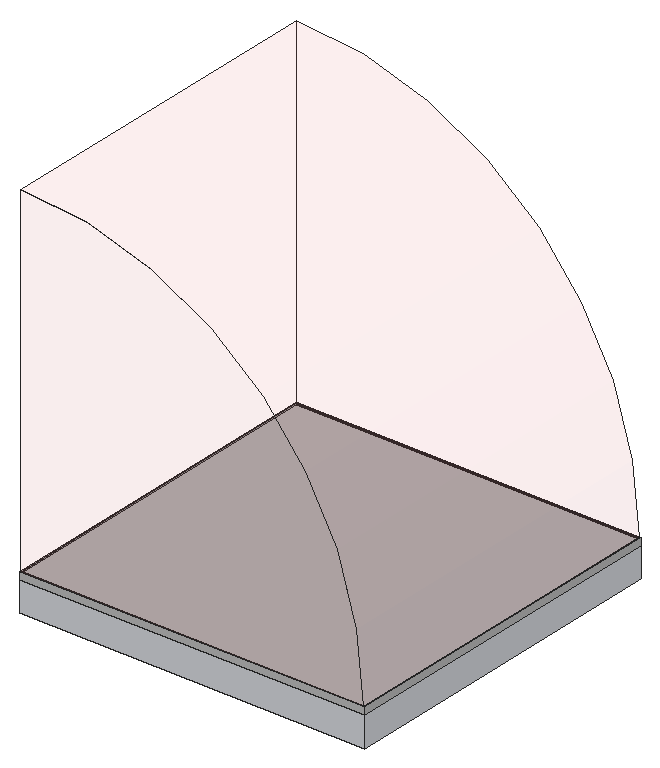
Revit family "Door_Access_Flush_Acudor_DW-5040", category Generic Models, host Face, Revit 2023
Family settings
  Host = Face
  Can host rebar = No
  Round Connector Dimension = Use Diameter
  Part Type = Normal
  Cut with Voids When Loaded = No
  Maintain Annotation Orientation = No
  Shared = No
  Room Calculation Point = No
Parameters
  negdrythick [instance] = -(Drywall Thickness)  # -0' - 0 1/2"
  Warranty Duration (Years) = 0
  Unit Width = 2' - 0"
  Unit Weight = 0
  Unit Height = 2' - 0"
  Unit Depth = 0' - 1 29/32"
  URL = "http://www.acudor.com/"
  Test Data = ""
  Swing Clearance Visible [instance] = yes
  Standards Conformance = "as Specified"
  Specification = ""
  SpecWizard = ""
  Send Message = ""
  Sales Information = "http://www.acudor.com/contactus"
  Revision = "R1_2017-03"
  Product Properties = ""
  Product Data = "http://www.arcat.com/arcatcos/cos30/arc30126.html"
  Overall Width = 2' - 10"
  Overall Height = 2' - 10"
  Opening Width = Unit Width + 0' 0 3/8"  # 2' - 0 3/8"
  Opening Height = Unit Height + 0' 0 3/8"  # 2' - 0 3/8"
  Opening Depth [instance] = 1' - 0"
  Mounting Height [instance] = 2' - 0"
  Model = "As Specified"
  Manufacturer Website = "http://www.acudor.com/"
  Manufacturer Phone - Toll Free = "800-722-0501"
  Manufacturer Phone = "973-575-5120"
  Manufacturer Fax = "973-575-5160"
  Manufacturer Address = "80 Little Falls Rd.  Fairfield, NJ 07004"
  Manufacturer = "Acudor Products Inc"
  Maintenance Schedule (Months) = 0
  Keynote = ""
  Installation-Fabrication = ""
  Installation Phase = ""
  Green Building-LEED = "http://www.arcat.com/green/clients/leed_data_30126.html"
  Fixture Finish [instance] = Metal - Acudor - Steel
  Fire Performance = "as Specified"
  Expected Lifespan (Years) = 0
  Drywall Thickness [instance] = 0' - 0 1/2"
  Drawn By = "Sumex Design, Inc. / Robert S. Weygant, CSI, CDT, SCIP"
  Door Width = Unit Width - 0' 0 1/8"  # 1' - 11 7/8"
  Door Height = Unit Height - 0' 0 1/8"  # 1' - 11 7/8"
  Description = "Acudor Product as Specified"
  Default Elevation = 0' - 0"  # constant formula
  Copyright = "©Arcat Inc."
  Construction Details = ""
  Clearance Material [instance] = ARCAT Clearance
  Clear Opening Width = 1' - 8"
  Clear Opening Height = 2' - 0"
  Available Options [instance] = "as Specified"
  Assembly Code = ""
Reference planes (in)
  plane 1 "Center (Front/Back)": y = -24
  plane 2: z = 0
  plane 3 "Center (Left/Right)": x = 0
  plane 4: y = -12
  plane 5: y = -36
  plane 6: x = -12
  plane 7: x = 12
  plane 8: z = 0
  plane 9: y = -7
  plane 10: y = -41
  plane 11: x = -17
  plane 12: x = 17
  plane 13: z = -1.90625
  plane 14: x = -12.1875
  plane 15: x = 12.1875
  plane 16: y = -11.8125
  plane 17: y = -36.1875
  plane 18: z = -12
  plane 19 "FF": y = -60
Forms (in)
  Extrusion 1, void
    sketch origin (0, 0, 0) x (1, 0, 0) y (0, 1, 0)
      loop
        line (-12.1875, -11.8125) -> (-12.1875, -36.1875) -> (12.1875, -36.1875) -> (12.1875, -11.8125) -> (-12.1875, -11.8125)
    from -12 to -0.125
  Extrusion 2, solid, material "Metal - Acudor - Steel" <- "Fixture Finish"
    sketch origin (0, 0, 0) x (1, 0, 0) y (0, 1, 0)
      loop
        line (-12, -12) -> (-12, -36) -> (12, -36) -> (12, -12) -> (-12, -12)
      loop
        line (-11.9375, -35.9375) -> (11.9375, -35.9375) -> (11.9375, -12.0625) -> (-11.9375, -12.0625) -> (-11.9375, -35.9375)
    from 0 to -0.5 <- "negdrythick"
  Extrusion 3, solid
    sketch origin (0, 0, 0) x (1, 0, 0) y (0, 1, 0)
      loop
        line (-12, -12) -> (-12, -36) -> (12, -36) -> (12, -12) -> (-12, -12)
    from -0.5 <- "negdrythick" to -2.5625
  Extrusion 4, solid, material "Metal - Acudor - Steel" <- "Fixture Finish"
    sketch origin (0, 0, 0) x (1, 0, 0) y (0, 1, 0)
      loop
        line (-11.9375, -12.0625) -> (-11.9375, -35.9375) -> (11.9375, -35.9375) -> (11.9375, -12.0625) -> (-11.9375, -12.0625)
    from -0.03125 to -0.5 <- "negdrythick"
  Extrusion 5, void
    sketch origin (0, 0, 0) x (1, 0, 0) y (0, 1, 0)
      loop
        line (-12, -12) -> (-12, -36) -> (12, -36) -> (12, -12) -> (-12, -12)
    from 0 to -0.125
  Extrusion 6, solid, material "ARCAT Clearance" <- "Clearance Material", visible <- "Swing Clearance Visible"
    sketch origin (0, -24, 0) x (1, 0, 0) y (0, 0, 1)
      loop
        arc (11.9375, 0) -> (4.94467, 16.88217) -> (-11.9375, 23.875) r 23.875
        line (-11.9375, 23.875) -> (-11.9375, 0) -> (11.9375, 0)
    from -12 to 12
Lines and regions (in)
  model lines, style "GenericModelHiddenLines"
    curve 1: line (12, -12, -0.03125) -> (-12, -24, -0.03125)
    curve 2: line (-12, -24, -0.03125) -> (12, -36, -0.03125)
Dimensions and locks (in)
  locked: plane 8 to level
  equal spacing: plane 4, plane 1 "Center (Front/Back)", plane 5
  "Unit Height": plane 4 to plane 5
  equal spacing: plane 6, plane 3 "Center (Left/Right)", plane 7
  "Unit Width": plane 6 to plane 7
  equal spacing: plane 11, plane 3 "Center (Left/Right)", plane 12
  equal spacing: plane 9, plane 1 "Center (Front/Back)", plane 10
  "Overall Width": plane 11 to plane 12
  "Overall Height": plane 9 to plane 10
  "Unit Depth": plane 8 to plane 13
  equal spacing: plane 16, plane 1 "Center (Front/Back)", plane 17
  equal spacing: plane 14, plane 3 "Center (Left/Right)", plane 15
  "Opening Width": plane 14 to plane 15
  "Opening Height": plane 16 to plane 17
  "Opening Depth": level to plane 18
  locked: plane 6 to Extrusion 2 sketch curve at 0.0625
  locked: plane 4 to Extrusion 2 sketch curve at 0.0625
  locked: Extrusion 2 sketch curve to plane 7 at 0.0625
  locked: Extrusion 2 sketch curve to plane 5 at 0.0625
  locked: plane 6 to Extrusion 4 sketch curve at 0.0625
  locked: Extrusion 4 sketch curve to plane 7 at 0.0625
  locked: plane 4 to Extrusion 4 sketch curve at 0.0625
  locked: Extrusion 4 sketch curve to plane 5 at 0.0625
  "Mounting Height": plane 5 to plane 19 "FF"
  locked: Extrusion 6 sketch curve to plane 6 at 0.0625
  "Door Width": radius of Extrusion 6 sketch curve
  aligned and locked: host face to plane 2
  aligned and locked: host face to level
  aligned and locked: Extrusion 1 sketch curve to plane 16
  aligned and locked: Extrusion 1 sketch curve to plane 14
  aligned and locked: plane 17 to Extrusion 1 sketch curve
  aligned and locked: Extrusion 1 sketch curve to plane 15
  aligned and locked: Extrusion 1 to plane 18
  aligned and locked: Extrusion 2 sketch curve to plane 4
  aligned and locked: Extrusion 2 sketch curve to plane 6
  aligned and locked: plane 5 to Extrusion 2 sketch curve
  aligned and locked: Extrusion 2 sketch curve to plane 7
  aligned and locked: Extrusion 5 sketch curve to Extrusion 2  (x4)
  aligned and locked: plane 1 "Center (Front/Back)" to curve 2
  aligned and locked: curve 2 to plane 6
  aligned and locked: Extrusion 6 to plane 5
  aligned and locked: plane 4 to Extrusion 6
  aligned and locked: Extrusion 3 sketch curve to Extrusion 2  (x3)
  aligned and locked: Extrusion 3 sketch curve to plane 6
Automatic sketch dimensions
  host sketch curve to host sketch curve = 12' - 11.75605"
  host sketch curve to host sketch curve = 12' - 7.74281"
  Extrusion 4 to curve 2 = 0' - 0 1/16"  (x2)
  Extrusion 4 to curve 1 = 0' - 0 1/16"  (x2)
  Extrusion 6 sketch curve to level = 0' - 0"
  Extrusion 6 sketch curve to Extrusion 6 sketch curve = 0' - 0"
